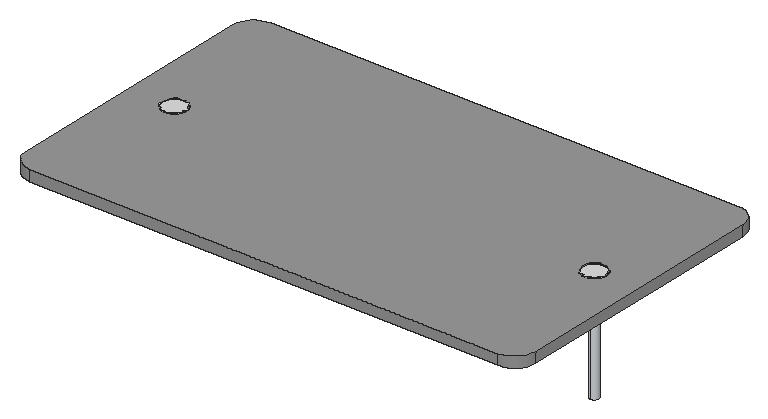
Revit family "ElectricalFixture_WiringAccessories_Hager_Sollysta_FlatBlankPlate", category Electrical Fixtures, host Face, Revit 2015
Parameters (values of type "WFP2BS")
  Warranty ID = ""
  Voltage (Volts) = "230V/240V"
  Unique Reference = "WFP2BS"
  Type = "ElectricalFixture"
  Technical Description = Description  # "TwinBlankPlateBrushedSteel"
  Switch = yes
  Supply Phase = "1"
  Size = ""
  Shipping Weight kg = "0.188"
  Shape = "Rectangular"
  Reference Standard = "BS 1363-2"
  Product URL = "http://www.hager.co.uk/product-catalogue/wiring-accessories/sollysta/white-moulded/white-moulded-sockets/58428.htm"
  Product Range = "Sollysta"
  Product Model Number = Unique Reference  # "WFP2BS"
  Product Literature = "http://www.hager.co.uk/product-catalogue/wiring-accessories/sollysta/38662.htm"
  Product Group = "WiringAccessories"
  Product Family = "DecorativeBlankPlates_BlankPlates"
  Packaging Recyclable = yes
  Overall Width = 0.0 mm
  Overall Length = 146.0 mm
  Overall Height = 86.0 mm
  Overall Depth = 28.521 mm
  Operation and Maintenance Manual = ""
  Name = "DecorativeBlankPlate_WFP2BS"
  Measurement Units = "mm"
  Material = Hager_BrushedSteel
  Manufacturer Website = "http://www.hager.co.uk/"
  Manufacturer Country = "United Kingdom"
  Manufacturer = "Hager"
  LED Indicator Switch = no
  Gross Weight kg = "0.165"
  Frequency = "50/60Hz"
  Finish = "Brushed"
  Features = Description  # "TwinBlankPlateBrushedSteel"
  Extrusion From Wall = 3.0 mm  # constant formula
  Expected Life = "25 years"
  EAN Code = "5015654742461"
  Design Country = "China"
  Description = "TwinBlankPlateBrushedSteel"
  Default Elevation = 1219.2 mm
  Colour = "BrushedSteel"
  CE Approval = yes
Types (8, lengths in mm): name | Unique Reference | Technical Description | Product Model Number | Overall Length | Name | Material | Finish | Features | EAN Code | Description | Colour
  WFP1PS | "WFP1PS" | "SingleBlankPlatePolishedSteel" | "WFP1PS" | 86.0 | "DecorativeBlankPlate_WFP1PS" | Hager_PolishedSteel | "Gloss" | "SingleBlankPlatePolishedSteel" | "5015654742362" | "SingleBlankPlatePolishedSteel" | "SollystaWhite"
  WFP1BS | "WFP1BS" | "SingleBlankPlateBrushedSteel" | "WFP1BS" | 86.0 | "DecorativeBlankPlate_WFP1BS" | Hager_BrushedSteel | "Brushed" | "SingleBlankPlateBrushedSteel" | "5015654742386" | "SingleBlankPlateBrushedSteel" | "BrushedSteel"
  WFP1PB | "WFP1PB" | "SingleBlankPlatePolishedBrass" | "WFP1PB" | 86.0 | "DecorativeBlankPlate_WFP1PB" | Hager_PolishedBrass | "Polished" | "SingleBlankPlatePolishedBrass" | "5015654742409" | "SingleBlankPlatePolishedBrass" | "PolishedBrass"
  WFP1BN | "WFP1BN" | "SingleBlankPlateBlackNickel" | "WFP1BN" | 86.0 | "DecorativeBlankPlate_WFP1BN" | Hager_BlackNickel | "Polished" | "SingleBlankPlateBlackNickel" | "5015654742423" | "SingleBlankPlateBlackNickel" | "BlackNickel"
  WFP2PS | "WFP1PS" | "TwinBlankPlatePolishedSteel" | "WFP1PS" | 146.0 | "DecorativeBlankPlate_WFP2PS" | Hager_PolishedSteel | "Polished" | "TwinBlankPlatePolishedSteel" | "5015654742447" | "TwinBlankPlatePolishedSteel" | "PolishedSteel"
  WFP2BS | "WFP2BS" | "TwinBlankPlateBrushedSteel" | "WFP2BS" | 146.0 | "DecorativeBlankPlate_WFP2BS" | Hager_BrushedSteel | "Brushed" | "TwinBlankPlateBrushedSteel" | "5015654742461" | "TwinBlankPlateBrushedSteel" | "BrushedSteel"
  WFP2PB | "WFP2PB" | "TwinBlankPlatePolishedBrass" | "WFP2PB" | 146.0 | "DecorativeBlankPlate_WFP2PB" | Hager_PolishedBrass | "Polished" | "TwinBlankPlatePolishedBrass" | "5015654742485" | "TwinBlankPlatePolishedBrass" | "PolishedBrass"
  WFP2BN | "WRP2BN" | "TwinBlankPlateBlackNickel" | "WRP2BN" | 146.0 | "DecorativeBlankPlate_WRP2BN" | Hager_BlackNickel | "Polished" | "TwinBlankPlateBlackNickel" | "5015654742508" | "TwinBlankPlateBlackNickel" | "BlackNickel"
Reference planes
  plane 1 "Center (Front/Back)": y = 0
  plane 2: z = 0
  plane 3 "Center (Left/Right)": x = 0
  plane 4: y = -43
  plane 5: y = 43
  plane 6: x = -137
  plane 7: x = 9
  plane 8: z = 3
  plane 9: z = -25.521
  plane 10: z = 3
  plane 11: y = -471.393
  plane 12: z = -29.451
  plane 13: x = -124.15
  plane 14: x = -3.85
Forms (mm)
  Extrusion 1, solid, material "Hager_BrushedSteel" <- "Material", detail levels fine
    sketch origin (0, 0, 0) x (1, 0, 0) y (0, 1, 0)
      loop
        arc (-137, -37.005) -> (-135.244, -41.244) -> (-131.005, -43) r 5.995
        line (-131.005, -43) -> (2.983, -43)
        arc (2.983, -43) -> (7.238, -41.238) -> (9, -36.983) r 6.017
        line (9, -36.983) -> (9, 37.035)
        arc (9, 37.035) -> (7.253, 41.253) -> (3.035, 43) r 5.965
        line (3.035, 43) -> (-131.018, 43)
        arc (-131.018, 43) -> (-135.248, 41.248) -> (-137, 37.018) r 5.982
        line (-137, 37.018) -> (-137, -37.005)
      loop
        circle (-124.15, 0) r 3.228
      loop
        circle (-3.85, 0) r 3.228
    from 0 to 3
  Extrusion 2, solid, material "Steel, Chrome Plated", detail levels fine
    sketch origin (0, 0, 0) x (1, 0, 0) y (0, 1, 0)
      loop
        circle (-124.15, 0) r 3.542
    from -1.167 to 3
  Extrusion 3, solid, material "Steel, Chrome Plated", detail levels fine
    sketch origin (0, 0, 0) x (-1, 0, 0) y (0, -1, 0)
      loop
        circle (3.85, 0) r 3.542
    from -1.167 to 3
  Extrusion 4, solid, material "Urea Formaldehyde Thermoset Plastic", detail levels medium
    sketch origin (0, 0, 0) x (1, 0, 0) y (0, 1, 0)
      loop
        line (-137, 43) -> (-137, -43) -> (9, -43) -> (9, 43) -> (-137, 43)
    from 0 to 3
  Extrusion 5, solid
    sketch origin (-184.307, 0, -1.167) x (0, 1, 0) y (-1, 0, 0)
      loop
        circle (0, -60.15) r 1.2
    from 0 to 19.363
  Extrusion 6, solid
    sketch origin (0, 0, -1.167) x (0, -1, 0) y (1, 0, 0)
      loop
        circle (0, -3.85) r 1.2
    from 0 to 28.284
  Extrusion 7, solid, material "Urea Formaldehyde Thermoset Plastic", detail levels medium
    sketch origin (0, 0, 0) x (1, 0, 0) y (0, 1, 0)
      loop
        line (-137, -43) -> (9, -43) -> (9, 43) -> (-137, 43) -> (-137, -43)
    from 0 to 3
Lines and regions (mm)
  model lines, detail levels coarse
    curve 1: line (-137, 43, 0) -> (9, 43, 0)
    curve 2: line (-137, -43, 0) -> (-137, 43, 0)
    curve 3: line (9, -43, 0) -> (-137, -43, 0)
    curve 4: line (9, 43, 0) -> (9, -43, 0)
    curve 5: arc (-120.108, 0, 0) -> (-124.15, -4.042, 0) -> (-128.192, 0, 0) r 4.042
    curve 6: arc (-128.192, 0, 0) -> (-124.15, 4.042, 0) -> (-120.108, 0, 0) r 4.042
    curve 7: arc (0.192, 0, 0) -> (-3.85, -4.042, 0) -> (-7.892, 0, 0) r 4.042
    curve 8: arc (-7.892, 0, 0) -> (-3.85, 4.042, 0) -> (0.192, 0, 0) r 4.042
Dimensions and locks
  plane 10 to plane 9 = 28.521 mm
  plane 8 to plane 9 = 28.521 mm
  plane 2 to plane 9 = 25.521 mm
  "Overall Length": plane 6 to plane 7
  "Overall Height": plane 4 to plane 5
  "Overall Depth": plane 9 to plane 8
  plane 8 to plane 12 = 32.451 mm
  locked: plane 14 to plane 7 at 12.85
  locked: plane 6 to plane 13 at 12.85
  "Extrusion From Wall": plane 10 to host face
  aligned and locked: plane 2 to host face
  aligned and locked: level to host face
  aligned and locked: Extrusion 1 to plane 8
  aligned and locked: Extrusion 4 to plane 8
  aligned and locked: Extrusion 3 to Extrusion 5
  aligned and locked: Extrusion 6 to Extrusion 2
  aligned and locked: plane 12 to Extrusion 6
  aligned and locked: Extrusion 7 to plane 8
  aligned and locked: Extrusion 7 to level
  aligned and locked: plane 14 to Extrusion 6 sketch curve
  aligned and locked: Extrusion 2 to plane 8
  aligned and locked: Extrusion 3 to plane 8
Automatic sketch dimensions
  host sketch curve to host sketch curve = 2438.4 mm  (x2)
  Extrusion 2 sketch curve to Extrusion 2 sketch curve = 0.0 mm  (x2)
  plane 1 "Center (Front/Back)" to Extrusion 2 sketch curve = 0.0 mm
  Extrusion 2 sketch curve to plane 13 = 0.0 mm
  Extrusion 2 sketch curve to plane 13 = 3.542 mm
  Extrusion 3 sketch curve to Extrusion 3 sketch curve = 0.0 mm  (x2)
  plane 1 "Center (Front/Back)" to Extrusion 3 sketch curve = 0.0 mm
  plane 14 to Extrusion 3 sketch curve = 0.0 mm
  Extrusion 3 sketch curve to plane 14 = 3.542 mm
  plane 4 to Extrusion 4 sketch curve = 0.0 mm
  Extrusion 4 sketch curve to plane 6 = 0.0 mm
  Extrusion 4 sketch curve to plane 7 = 0.0 mm
  plane 5 to Extrusion 4 sketch curve = 0.0 mm
  plane 5 to Extrusion 7 sketch curve = 0.0 mm
  Extrusion 7 sketch curve to plane 6 = 0.0 mm
  Extrusion 7 sketch curve to plane 7 = 0.0 mm
  plane 4 to Extrusion 7 sketch curve = 0.0 mm
  plane 4 to curve 3 = 0.0 mm
  curve 3 to plane 6 = 0.0 mm
  plane 1 "Center (Front/Back)" to curve 5 = 0.0 mm
  curve 6 to plane 13 = 0.0 mm
  plane 1 "Center (Front/Back)" to curve 8 = 0.0 mm
  curve 8 to plane 14 = 0.0 mm
  plane 5 to curve 4 = 0.0 mm
  curve 4 to plane 7 = 0.0 mm
  curve 5 to plane 13 = 4.042 mm
  curve 8 to curve 7 = 4.042 mm
  Extrusion 1 sketch curve to plane 6 = 0.0 mm
  plane 5 to Extrusion 1 sketch curve = 0.0 mm
  plane 4 to Extrusion 1 sketch curve = 0.0 mm
  plane 1 "Center (Front/Back)" to Extrusion 1 sketch curve = 0.0 mm  (x2)
  Extrusion 1 sketch curve to plane 13 = 0.0 mm
  Extrusion 1 sketch curve to plane 14 = 0.0 mm
  plane 6 to Extrusion 1 sketch curve = 5.982 mm
  Extrusion 1 sketch curve to plane 4 = 5.995 mm
  Extrusion 1 sketch curve to plane 7 = 6.017 mm
  Extrusion 1 sketch curve to plane 7 = 5.965 mm
  plane 7 to Extrusion 1 sketch curve = 0.0 mm
  radius of Extrusion 5 sketch curve = 1.2 mm
  radius of Extrusion 6 sketch curve = 1.2 mm
  radius of Extrusion 1 sketch curve = 3.228 mm  (x2)
